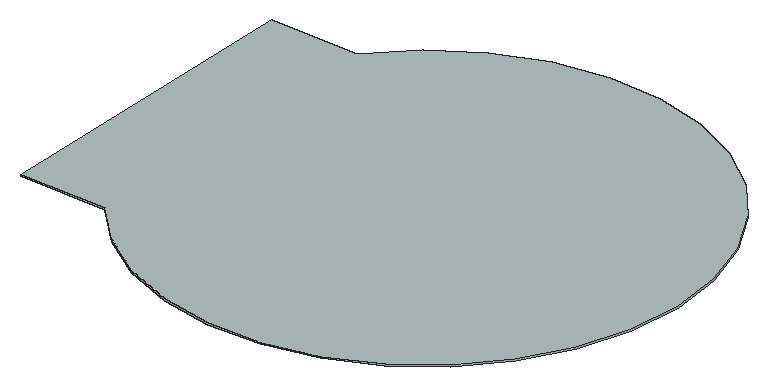
Revit family "Haworth_MangasOriginal_Rugs_Globo", category Furniture, Revit 2018
Family settings
  OmniClass Number = 23.35.50.27.11.11
  OmniClass Title = Access Floors, Frames
  Work Plane-Based = No
  Always vertical = Yes
  Cut with Voids When Loaded = No
  Shared = No
  Room Calculation Point = No
Parameters (values of type "HCGN-MOGG - Globo")
  Warranty = "http://www.haworth.com/resources/product-info/warranties"
  URL - Product = "https://www.haworth.com/products/accessories/rugs/mangas-original"
  URL = "http://www.haworth.com/our-brands/haworth-collection"
  Thickness = 1/4"  # constant formula
  Revision Number = "1"  # constant formula
  Overlay Finish [instance] = Haworth_Wool_Mangas Original_Red With Green ZV-A02
  Size = "Verify Final Dimensions w/ Haworth"  # constant formula
  Model = "HCGN-MOGG"  # constant formula
  Manufacturer = "Haworth"  # constant formula
  Description = "Haworth Mangas Original Rugs - Globo"
  Author = "Haworth (Alias)"  # constant formula
  Assembly Code = ""
  Actual Width = 57 13/128"  # constant formula
  Actual Length = 96 1/2"  # constant formula
Reference planes (in)
  plane 1: z = 0
  plane 2 "Left": x = -11.77344
  plane 3 "Right": x = 84.72656
  plane 4 "Back": y = 28.52344
  plane 5 "Front": y = -28.57813
  plane 6 "Center FB": y = -0.02734
  plane 7 "Center LR": x = 36.47656
  plane 8: z = 0.25
Forms (in)
  Extrusion 1, solid, material "Haworth_Wool_Mangas Original_Red With Green ZV-A02" <- "Overlay Finish"
    sketch origin (0, 0, 0) x (1, 0, 0) y (0, 1, 0)
      loop
        line (-11.77344, 28.52344) -> (-11.77344, -28.57813) -> (3.60289, -28.57813)
        arc (3.60289, -28.57813) -> (84.72656, -0.02734) -> (3.60289, 28.52344) r 45.58594
        line (3.60289, 28.52344) -> (-11.77344, 28.52344)
    from 0 to 0.25
Lines and regions (in)
  Masking region 1
    outline origin (0, 0, 0) x (1, 0, 0) y (0, 1, 0)
      loop
        line (3.60289, 28.52344) -> (-11.77344, 28.52344) -> (-11.77344, -28.57813) -> (3.60289, -28.57813)
        arc (3.60289, -28.57813) -> (84.72656, -0.02734) -> (3.60289, 28.52344) r 45.58594
Dimensions and locks (in)
  equal spacing: plane 4 "Back", plane 6 "Center FB", plane 5 "Front"
  "Actual Width": plane 4 "Back" to plane 5 "Front"
  "Actual Length": plane 2 "Left" to plane 3 "Right"
  "Thickness": plane 8 to plane 1
  equal spacing: plane 2 "Left", plane 7 "Center LR", plane 3 "Right"
  aligned and locked: Extrusion 1 to plane 1
  aligned and locked: plane 2 "Left" to Extrusion 1 sketch curve
  aligned and locked: Extrusion 1 sketch curve to plane 5 "Front"
  aligned and locked: Extrusion 1 sketch curve to plane 4 "Back"
  aligned and locked: Extrusion 1 to plane 8
  aligned and locked: plane 5 "Front" to Masking region 1 sketch curve
  aligned and locked: plane 4 "Back" to Masking region 1 sketch curve
  aligned and locked: Masking region 1 sketch curve to plane 2 "Left"
Automatic sketch dimensions
  Extrusion 1 sketch curve to plane 6 "Center FB" = 0"
  plane 7 "Center LR" to Extrusion 1 sketch curve = 2 85/128"
  Masking region 1 sketch curve to plane 6 "Center FB" = 0"
  plane 2 "Left" to Masking region 1 sketch curve = 15.37633"
  plane 7 "Center LR" to Masking region 1 sketch curve = 2 85/128"
  radius of Extrusion 1 sketch curve = 45 75/128"
